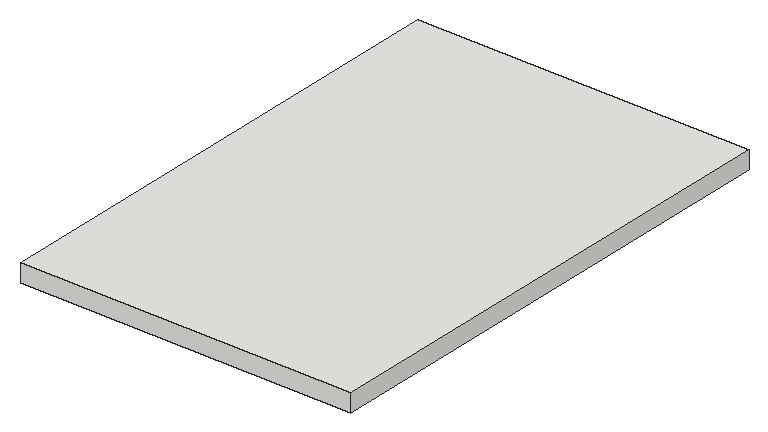
Revit family "SURVIVOR069xxWSxxxESGS0250x", category Leuchten, Revit 2019
Family settings
  Basisbauteil = Fläche
  Bemaßung runder Anschluss = Durchmesser verwenden
  Teiletyp = Normal
  OmniClass-Nummer = 23.80.70.11
  OmniClass-Titel = Luminaries for Internal Lighting
  Beim Laden mit Abzugskörper schneiden = Nein
  Lichtquelle = Ja
  Gemeinsam genutzt = Nein
  Raumberechnungspunkt = Nein
Parameters (values of type "SURVIVOR069NDWS830ESGS0250-RF")
  width = 240 mm  # constant formula
  weight = "6.2"
  voltage type (AC, DC, UC) = "AC"
  rated input power = 18
  product name = "SURVIVOR069NDWS830ESGS0250-RF"
  nominal voltage = "230"
  nominal frequency = "50-60Hz"
  length = 690 mm  # constant formula
  ingress protection (IP) code = "IP65"
  height = 73 mm  # constant formula
  electrical safety class = "1"
  control gear = ""
  conformity mark = "CE"  # constant formula
  brand = "RIDI"
  approval mark = ""
  built-in parameter 1150104 = 13.8 (stored number, unit not read)
  Wattage = 18.9172 W
  Von Breite des Rechtecks ausssenden = 618 mm
  Von Länge des Rechtecks aussenden = 181 mm  # constant formula
  Default Elevation = 0 mm
  built-in parameter 1150113 = 1 (stored number, unit not read)
  built-in parameter 1114218 = 1 (stored number, unit not read)
  URL = "www.ridi.de"
  built-in parameter 1150134 = (empty or 0)
  built-in parameter 1150109 = 1 (stored number, unit not read)
  built-in parameter 1150110 = 1 (stored number, unit not read)
  Apparent Load = 18 VA
  Tilt Angle = 90.00°
  Modell = "0622227//420"
  built-in parameter 1114217 = 1 (stored number, unit not read)
  built-in parameter 1150139 = (empty or 0)
  built-in parameter 1150105 = 1005.2 (stored number, unit not read)
  built-in parameter 1150114 = 1 (stored number, unit not read)
  Lumens = 2810 lm
  built-in parameter 1150115 = 1 (stored number, unit not read)
  built-in parameter 1150112 = 1 (stored number, unit not read)
  Lampe = "LED"
  Hersteller = "RIDI Leuchten GmbH"  # constant formula
  Dimming Lamp Color Temperature Shift = (empty or 0)
  Color Filter = 16777215
  built-in parameter 1150133 = 10 (stored number, unit not read)
  Emit Shape Visible in Rendering = no
  built-in parameter 1150137 = (empty or 0)
  built-in parameter 1150132 = 2
  Datei für fotometrisches Netz = "SURVIVOR_ESGS.IES"
  Copyright = "© RIDI. All rights reserved."  # constant formula
  built-in parameter 1150106 = 10.052 (stored number, unit not read)
  Baugruppenkennzeichen = "D5020200"
  built-in parameter 1150107 = 3000 (stored number, unit not read)
  built-in parameter 1150102 = (empty or 0)
  built-in parameter 1150138 = (empty or 0)
Types (5, lengths in mm): name | rated input power | product name | Wattage | built-in parameter 1150134 | Apparent Load | Modell | built-in parameter 1150105 | Lumens | built-in parameter 1150106 | built-in parameter 1150107
  (no name) | 18 | "SURVIVOR069NDWS830ESGS0250-RF" | 18.9172 W | (empty or 0) | 18 VA | "0622227//420" | 1005.2 (stored number, unit not read) | 2810 lm | 10.052 (stored number, unit not read) | 3000 (stored number, unit not read)
  SURVIVOR069DAWS830ESGS0250 | 19 | "SURVIVOR069DAWS830ESGS0250" | 18.9845 W | (empty or 0) | 19 VA | "0632227" | 224.41 (stored number, unit not read) | 2820 lm | 2.2441 (stored number, unit not read) | 3000 (stored number, unit not read)
  SURVIVOR069NDWS830ESGS0250-RF | 18 | "SURVIVOR069NDWS830ESGS0250-RF" | 18.9172 W | (empty or 0) | 18 VA | "0622227//420" | 1005.2 (stored number, unit not read) | 2810 lm | 10.052 (stored number, unit not read) | 3000 (stored number, unit not read)
  SURVIVOR069DAWS840ESGS0300 | 19 | "SURVIVOR069DAWS840ESGS0300" | 19.9943 W | 12 | 19 VA | "0632231" | 236.35 (stored number, unit not read) | 2970 lm | 2.3635 (stored number, unit not read) | 4000 (stored number, unit not read)
  SURVIVOR069NDWS840ESGS0300-RF | 18 | "SURVIVOR069NDWS840ESGS0300-RF" | 19.927 W | 12 | 18 VA | "0622231//420" | 235.55 (stored number, unit not read) | 2960 lm | 2.3555 (stored number, unit not read) | 4000 (stored number, unit not read)
Reference planes
  plane 1 "Mitte (Vorne/hinten)": y = 0
  plane 2: z = 0
  plane 3 "Mitte (Links/rechts)": x = 0
  plane 4: z = 1200
Forms (mm)
  Extrusion 1, solid
    sketch origin (219.2, 280.8, 0) x (1, 0, 0) y (0, 1, 0)
      loop
        line (-1219.2, 1219.2) -> (-1219.2, -1780.8) -> (780.8, -1780.8) -> (780.8, 1219.2) -> (-1219.2, 1219.2)
    from 0 to -107.307
Dimensions and locks
  plane 4 to Extrusion 1 = 1200 mm
  aligned and locked: plane 2 to Extrusion 1
  aligned and locked: level to Extrusion 1
Connectors
  electrical at (53.526, -319.1, 2.275), driven by "Apparent Load"
    settings: on import instance, index 1, voltage 230 V, apparent load 0 VA, apparent load phase1 18 VA, apparent load phase2 0 VA, apparent load phase3 0 VA, power factor 1, load classification "Lighting", number of poles 1, system type 31, power factor state 1, is connector primary yes, connector utility no, sub classification motor no, connector description ""
